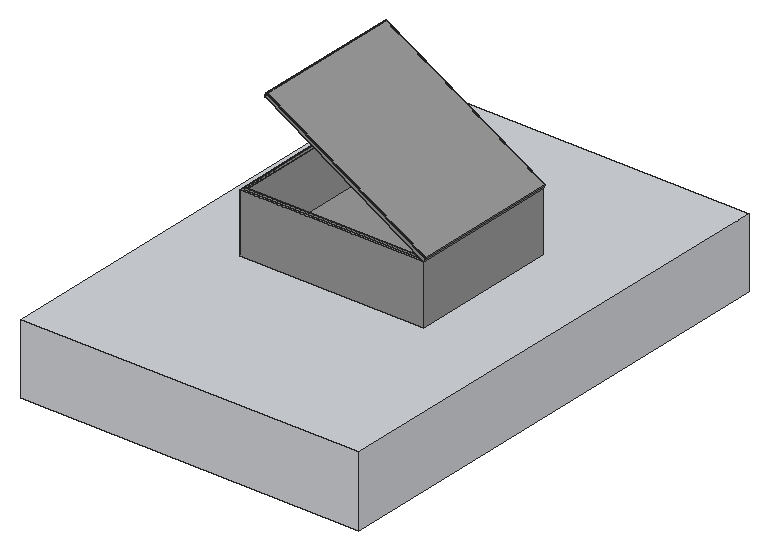
Revit family "Hager-Univers-IP55-D275-H650-Cl.II-Steel_encl-DE-de", category Equipement électrique, Revit 2020
Family settings
  Hôte = Face
  Configuration du panneau = Deux colonnes, circuits au sein
  Cote de connecteur circulaire = Utiliser le diamètre
  Type d'élément = Tableau de raccordement
  Couper avec des vides une fois chargée = Non
  Partagée = Non
  Point de calcul de pièce = Non
Parameters (values of type "Aufputz IP55 B800 H650 T275  - FR43S")
  Width Control [instance] = if([EF000008 - Breite] > Min Width, [EF000008 - Breite], Min Width)  # 800 mm
  Commentaires du type = [HG000003 - Bereich]  # "Univers"
  Thickness Door [instance] = if([EF009171 - Materialstärke Tür/Deckel] > 3 mm, 3 mm, [EF009171 - Materialstärke Tür/Deckel])  # 1.5 mm
  Seal Frame Offset [instance] = 17 mm  # constant formula
  Plinth Visibility [instance] = [HG000027 - Sockelhöhe] > 0 mm  # no
  Model = ""
  Min Width [instance] = 100 mm  # constant formula
  Min Height [instance] = 100 mm  # constant formula
  Min Depth [instance] = (2 * [EF009170 - Materialstärke Gehäuse]) + 1 mm  # 4 mm
  Internal Frame Depth [instance] = (Door System Depth * 0.5)  # 9 mm
  Height Control [instance] = if([EF000040 - Höhe] > Min Height, [EF000040 - Höhe], Min Height)  # 650 mm
  HG000027 - Sockelhöhe = 0 mm
  HG000026 - Stehend auf dem Boden = no
  HG000024 - Höhe des unteren Teils = 800 mm
  HG000023 - Gehäuse mit doppeltem Querschnitt = no
  HG000016 - 3D-Türsichtbarkeit [instance] = yes
  HG000015 - Sichtbarkeit der Türöffnung [instance] = no
  HG000014 - Tür rechts [instance] = yes
  HG000013 - Tür links [instance] = not([HG000014 - Tür rechts])  # no
  HG000012 - Türschwenkwinkel [instance] = 30.00°
  HG000010 - Asymmetrische Türen = no
  HG000009 - Doppelflügeligen Tür = no
  HG000006 - Unterputz = no
  HG000004 - Herstellerreferenz = "FR43S"
  HG000003 - Bereich = "Univers"
  HG000002 - Mit tür = yes
  Frame Offset Bottom [instance] = 10 mm  # constant formula
  Frame Offset [instance] = 15 mm  # constant formula
  EF015940 - Deckel mit Überdruckentlastung = no
  EF011959 - Schutzart (NEMA) = ""
  EF009554 - Anzahl der Öffnungen für Flanschplatten = 6
  Fabricant = "Hager"  # constant formula
  EF009212 - Ausführung Deckel = "EV000116 - geschlossen"
  EF009171 - Materialstärke Tür/Deckel = 1.5 mm
  EF009170 - Materialstärke Gehäuse = 1.5 mm
  EF008873 - Nennstrom (In) = 800 A
  EF007800 - Geeignet für Blitzschutz = no
  EF006306 - Mit Schloss = no
  EF006244 - Transparenter Deckel/Tür = no
  EF005474 - Schutzart (IP) = "EV006420 - IP55"
  EF004464 - Art der Tür = "EV002646 - Einzel"
  EF004427 - Anzahl der Module = 144
  EF004293 - Schlagfestigkeit = "EV008784 - IK10"
  EF003532 - Geeignet für Außengebrauch = no
  EF002950 - Breite in Teilungseinheiten = 24
  EF001613 - Funktionserhalt = "EV000494 - ohne"
  EF001596 - Werkstoff des Gehäuses = "EV000179 - Stahl"
  EF001131 - Innentiefe = 275 mm
  EF001088 - Anbaumöglichkeit = yes
  EF000437 - Anzahl der Leitungseinführungen = 6
  EF000339 - Art der Abdeckung = "EV004216 - Tür"
  EF000266 - Anzahl der Reihen = 4
  EF000218 - Einbautiefe = 0 mm
  EF000118 - Mit Montageplatte = no
  EF000116 - RAL-Nummer = "7035"
  EF000049 - Tiefe = 275 mm
  EF000040 - Höhe = 650 mm
  EF000008 - Breite = 800 mm
  EF000007 - Farbe = "EV000270 - grau"
  EF000003 - Montageart = "EV000384 - Aufputz"
  Door System Leaf Tolerance [instance] = 1.5 mm  # constant formula
  Door System Depth [instance] = 18 mm  # constant formula
  Door Height [instance] = Height Control - [HG000027 - Sockelhöhe]  # 650 mm
  Depth Control [instance] = if([EF000049 - Tiefe] > Min Depth, [EF000049 - Tiefe], Min Depth)  # 275 mm
  Default Elevation = 0 mm
  Connector Offset [instance] = Height Control / 2  # 325 mm
  Bottom Top Plate Trim [instance] = 1.5 mm  # constant formula
  Plinth height Ctrl [instance] = if([HG000027 - Sockelhöhe] > 0 mm, [HG000027 - Sockelhöhe], 12 mm)  # 12 mm
Types (5, lengths in mm): name | Width Control | HG000010 - Asymmetrische Türen | HG000009 - Doppelflügeligen Tür | HG000004 - Herstellerreferenz | EF009554 - Anzahl der Öffnungen für Flanschplatten | EF004464 - Art der Tür | EF004427 - Anzahl der Module | EF000437 - Anzahl der Leitungseinführungen | EF000008 - Breite
  Aufputz IP55 B1050 H650 T275  - FR44S | 1050 | no | yes | "FR44S" | 8 | "EV003602 - Doppel" | 192 | 8 | 1050
  Aufputz IP55 B1300 H650 T275  - FR45S | 1300 | yes | yes | "FR45S" | 10 | "EV003602 - Doppel" | 240 | 10 | 1300
  Aufputz IP55 B300 H650 T275  - FR41S | 300 | no | no | "FR41S" | 2 | "EV002646 - Einzel" | 48 | 2 | 300
  Aufputz IP55 B550 H650 T275  - FR42S | 550 | no | no | "FR42S" | 4 | "EV002646 - Einzel" | 96 | 4 | 550
  Aufputz IP55 B800 H650 T275  - FR43S | 800 | no | no | "FR43S" | 6 | "EV002646 - Einzel" | 144 | 6 | 800
Reference planes
  plane 1 "Center (Front/Back)": y = 0
  plane 2: z = 0
  plane 3 "Center (Left/Right)": x = 0
  plane 4: z = 275
  plane 5: y = 1.5
  plane 6: y = 325
  plane 7: y = 0
  plane 8: y = 650
  plane 9: z = 0
  plane 10: x = -385
  plane 11: x = 385
  plane 12: x = 383.5
  plane 13: x = -383.5
  plane 14: y = 648.5
  plane 15: x = -383
  plane 16: x = -400
  plane 17: x = 383
  plane 18: x = 400
  plane 19: x = 398.5
  plane 20: x = -398.5
  plane 21: y = 11.5
  plane 22: y = 650
  plane 23: y = 633.5
  plane 24: z = 257
  plane 25: z = 1.5
  plane 26: z = 255.5
  plane 27: z = 273.5
Forms (mm)
  Extrusion 1, solid
    sketch origin (0, 0, 0) x (1, 0, 0) y (0, 1, 0)
      loop
        line (-702.964, 1305) -> (-702.964, -811.445) -> (766.763, -811.445) -> (766.763, 1305) -> (-702.964, 1305)
    from 0 to -304.8
  Extrusion 2, solid, material "Hager_Steel_RAL7035_Light_Grey", visible <- "Plinth Visibility", detail levels medium+fine
    sketch origin (0, 0, 0) x (1, 0, 0) y (0, 1, 0)
      loop
        line (-400, 0) -> (400, 0) -> (400, 12) -> (-400, 12) -> (-400, 0)
    from 0 to 257
  Extrusion 3, solid, material "Hager_Steel_RAL7035_Light_Grey", detail levels medium+fine
    sketch origin (0, 0, 0) x (1, 0, 0) y (0, 1, 0)
      loop
        line (-400, 0) -> (400, 0) -> (400, 650) -> (-400, 650) -> (-400, 0)
    from 0 to 257
  Extrusion 4, void
    sketch origin (0, 0, 0) x (1, 0, 0) y (0, 1, 0)
      loop
        line (-398.5, 1.5) -> (398.5, 1.5) -> (398.5, 648.5) -> (-398.5, 648.5) -> (-398.5, 1.5)
    from 1.5 to 255.5
  Extrusion 5, void
    sketch origin (-381.607, -4572, 257) x (0, -1, 0) y (-1, 0, 0)
      loop
        line (-4583.5, 1.893) -> (-5205.5, 1.893) -> (-5205.5, -765.107) -> (-4583.5, -765.107) -> (-4583.5, 1.893)
    from 0 to 1.5 <- "EF009170 - Materialstärke Gehäuse"
  Extrusion 6, solid, material "Hager_Steel_RAL7035_Light_Grey", detail levels fine
    sketch origin (0, 0, 257) x (1, 0, 0) y (0, 1, 0)
      loop
        line (-383.5, 633.5) -> (-383.5, 11.5) -> (383.5, 11.5) -> (383.5, 633.5) -> (-383.5, 633.5)
      loop
        line (-385, 10) -> (385, 10) -> (385, 635) -> (-385, 635) -> (-385, 10)
    from 0 to 9 <- "Internal Frame Depth"
  Extrusion 7, solid, material "Hager_Steel_RAL7035_Light_Grey", detail levels coarse
    sketch origin (0, 0, 0) x (1, 0, 0) y (0, 1, 0)
      loop
        line (-400, 0) -> (400, 0) -> (400, 650) -> (-400, 650) -> (-400, 0)
    from 0 to 275
  Sweep 8, void
    path in 3D
      loop
        line (-400, 12, 0) -> (400, 12, 0) -> (400, 12, 257) -> (-400, 12, 257) -> (-400, 12, 0)
    profile origin (-400, 12, 128.5) x (-1, 0, 0) y (0, -1, 0)
      loop
        line (0, 0) -> (0, 1.5) -> (-1.5, 1.5)
        arc (-1.5, 1.5) -> (-1.061, 0.439) -> (0, 0) r 1.5
Cuts and joins
  Extrusion 4, Extrusion 5 cuts Extrusion 3
  Sweep 8 cuts Extrusion 2
Lines and regions (mm)
  Masking region 1
    outline origin (0, 0, 0) x (1, 0, 0) y (0, 0, 1)
      loop
        line (-400, 275) -> (-400, 0) -> (400, 0) -> (400, 275) -> (-400, 275)
  Masking region 2, detail levels medium+fine
    outline origin (0, 140, 0) x (0, 1, 0) y (0, 0, 1)
      loop
        line (-140, 0) -> (510, 0) -> (510, 257) -> (-140, 257) -> (-140, 0)
  Masking region 3, not visible, detail levels medium+fine
    outline origin (0, 297.922, 0) x (0, 1, 0) y (0, 0, 1)
      loop
        line (38.578, 0) -> (78.578, 0) -> (78.578, 263.5)
        arc (78.578, 263.5) -> (75.649, 270.571) -> (68.578, 273.5) r 10
        line (68.578, 273.5) -> (38.578, 273.5) -> (38.578, 0)
  Masking region 4, detail levels coarse
    outline origin (0, 0, 180) x (0, 1, 0) y (0, 0, 1)
      loop
        line (0, -180) -> (650, -180) -> (650, 95) -> (0, 95) -> (0, -180)
  Masking region 5, visible <- "Plinth Visibility", detail levels medium+fine
    outline origin (0, 52.24, 12.345) x (0, 0, -1) y (0, 1, 0)
      loop
        line (10.845, -40.24) -> (-243.155, -40.24)
        arc (-243.155, -40.24) -> (-243.594, -41.301) -> (-244.655, -41.74) r 1.5
        line (-244.655, -41.74) -> (-244.655, -52.24) -> (12.345, -52.24) -> (12.345, -41.74)
        arc (12.345, -41.74) -> (11.285, -41.301) -> (10.845, -40.24) r 1.5
  Masking region 6, detail levels medium+fine
    outline origin (-381.607, -4572, 257) x (-1, 0, 0) y (0, -1, 0)
      loop
        line (18.393, -5222) -> (18.393, -4572) -> (-781.607, -4572) -> (-781.607, -5222) -> (18.393, -5222)
  Masking region 7, visible <- "Plinth Visibility", detail levels medium+fine
    outline origin (-381.607, -4727, 257) x (-1, 0, 0) y (0, -1, 0)
      loop
        arc (16.893, -4739) -> (17.332, -4737.939) -> (18.393, -4737.5) r 1.5
        line (18.393, -4737.5) -> (18.393, -4727) -> (-781.607, -4727) -> (-781.607, -4737.5)
        arc (-781.607, -4737.5) -> (-780.546, -4737.939) -> (-780.107, -4739) r 1.5
        line (-780.107, -4739) -> (16.893, -4739)
  Masking region 8, detail levels coarse
    outline origin (-442.548, -4669.526, 257) x (-1, 0, 0) y (0, -1, 0)
      loop
        line (-42.548, -5319.526) -> (-42.548, -4669.526) -> (-842.548, -4669.526) -> (-842.548, -5319.526) -> (-42.548, -5319.526)
  sketch lines
    curve 1: line (-400, 12, 257) -> (-400, 12, 0)
    curve 2: line (400, 12, 257) -> (-400, 12, 257)
    curve 3: line (400, 12, 257) -> (400, 12, 0)
    curve 4: line (-400, 12, 0) -> (400, 12, 0)
Dimensions and locks
  "Depth Control": plane 4 to Extrusion 1
  "HG000027 - Sockelhöhe": plane 1 "Center (Front/Back)" to plane 7
  "EF009170 - Materialstärke Gehäuse": plane 5 to plane 7
  locked: connector elem to plane 3 "Center (Left/Right)"
  equal spacing: plane 8, plane 6, plane 7
  locked: connector elem to plane 6
  "EF009170 - Materialstärke Gehäuse": plane 8 to plane 14
  "EF009170 - Materialstärke Gehäuse": plane 10 to plane 13
  "EF009170 - Materialstärke Gehäuse": plane 12 to plane 11
  "Frame Offset": plane 20 to plane 13
  "Frame Offset": plane 12 to plane 19
  "EF009170 - Materialstärke Gehäuse": plane 16 to plane 20
  "EF009170 - Materialstärke Gehäuse": plane 19 to plane 18
  "Seal Frame Offset": plane 16 to plane 15
  "Seal Frame Offset": plane 17 to plane 18
  "Frame Offset Bottom": plane 21 to plane 5
  "Frame Offset": plane 14 to plane 23
  equal spacing: plane 16, plane 3 "Center (Left/Right)", plane 18
  "Width Control": plane 16 to plane 18
  "EF009170 - Materialstärke Gehäuse": plane 4 to plane 27
  "EF009170 - Materialstärke Gehäuse": plane 24 to plane 26
  "EF009170 - Materialstärke Gehäuse": plane 25 to level
  "Door System Depth": plane 4 to plane 24
  "Height Control": plane 1 "Center (Front/Back)" to Extrusion 7 sketch curve
  "Height Control": Masking region 4 sketch curve to plane 1 "Center (Front/Back)"
  "Height Control": plane 1 "Center (Front/Back)" to plane 22
  "Bottom Top Plate Trim": profile plane to Sweep 8 sketch curve
  "Bottom Top Plate Trim": Sweep 8 sketch curve to profile plane
  "Plinth height Ctrl": plane 1 "Center (Front/Back)" to Extrusion 2 sketch curve
  "Plinth height Ctrl": Masking region 5 sketch curve to plane 1 "Center (Front/Back)"
  "Plinth height Ctrl": plane 1 "Center (Front/Back)" to Masking region 7 sketch curve
  "Thickness Door": Extrusion 6 sketch curve to Extrusion 6 sketch curve  (x3)
  "Thickness Door": cut or joined group of Extrusion 3, Extrusion 4, Extrusion 5 to Extrusion 6 sketch curve
  radius of Masking region 3 sketch curve = 10 mm
  "Bottom Top Plate Trim": radius of Masking region 5 sketch curve  (x2)
  "Bottom Top Plate Trim": radius of Sweep 8 sketch curve
  "Bottom Top Plate Trim": radius of Masking region 7 sketch curve  (x2)
  aligned and locked: plane 2 to Extrusion 1
  aligned and locked: level to Extrusion 1
  aligned and locked: level to Masking region 1 sketch curve
  aligned and locked: Masking region 1 sketch curve to plane 18
  aligned and locked: Masking region 1 sketch curve to plane 16
  aligned and locked: plane 7 to Masking region 2 sketch curve
  aligned and locked: level to Masking region 3 sketch curve
  aligned and locked: Masking region 3 sketch curve to plane 27
  aligned and locked: level to Masking region 2 sketch curve
  aligned and locked: plane 1 "Center (Front/Back)" to Extrusion 2 sketch curve
  aligned and locked: Extrusion 3 sketch curve to plane 7
  aligned and locked: plane 16 to Extrusion 3 sketch curve
  aligned and locked: plane 18 to Extrusion 3 sketch curve
  aligned and locked: plane 20 to Extrusion 4 sketch curve
  aligned and locked: plane 19 to Extrusion 4 sketch curve
  aligned and locked: Extrusion 4 sketch curve to plane 5
  aligned and locked: Extrusion 4 to plane 25
  aligned and locked: plane 26 to Extrusion 4
  aligned and locked: plane 24 to Extrusion 3
  aligned and locked: Extrusion 5 sketch curve to plane 21
  aligned and locked: Extrusion 5 sketch curve to plane 13
  aligned and locked: Extrusion 5 sketch curve to plane 12
  aligned and locked: plane 18 to Extrusion 7 sketch curve
  aligned and locked: plane 1 "Center (Front/Back)" to Extrusion 7 sketch curve
  aligned and locked: plane 16 to Extrusion 7 sketch curve
  aligned and locked: plane 4 to Extrusion 7
  aligned and locked: Extrusion 7 to level
  aligned and locked: level to Masking region 4 sketch curve
  aligned and locked: Masking region 4 sketch curve to plane 1 "Center (Front/Back)"
  aligned and locked: Masking region 4 sketch curve to plane 4
  aligned and locked: nested 1 to level
  aligned and locked: nested 1 to plane 16
  aligned and locked: plane 8 to Extrusion 3 sketch curve
  aligned and locked: plane 23 to Extrusion 5 sketch curve
  aligned and locked: plane 14 to Extrusion 4 sketch curve
  aligned and locked: Masking region 2 sketch curve to plane 8
  aligned and locked: level to Masking region 5 sketch curve
  aligned and locked: plane 16 to Extrusion 2 sketch curve
  aligned and locked: plane 18 to Extrusion 2 sketch curve
  aligned and locked: Masking region 5 sketch curve to plane 24
  aligned and locked: Masking region 2 sketch curve to plane 24
  aligned and locked: plane 24 to Extrusion 2
  aligned and locked: profile plane to Sweep 8 sketch curve  (x2)
  aligned and locked: Masking region 6 sketch curve to plane 18
  aligned and locked: Masking region 6 sketch curve to plane 22
  aligned and locked: Masking region 6 sketch curve to plane 16
  aligned and locked: plane 8 to plane 22
  aligned and locked: Masking region 6 sketch curve to plane 7
  aligned and locked: Masking region 7 sketch curve to plane 16
  aligned and locked: Masking region 7 sketch curve to plane 1 "Center (Front/Back)"
  aligned and locked: Masking region 7 sketch curve to plane 18
  aligned and locked: Masking region 8 sketch curve to plane 1 "Center (Front/Back)"
  aligned and locked: Masking region 8 sketch curve to plane 18
  aligned and locked: Masking region 8 sketch curve to plane 22
  aligned and locked: Masking region 8 sketch curve to plane 16
  aligned and locked: nested 2 to plane 7
  aligned and locked: plane 3 "Center (Left/Right)" to nested 2
  aligned and locked: nested 2 to plane 24
  aligned and locked: Extrusion 6 sketch curve to cut or joined group of Extrusion 3, Extrusion 4, Extrusion 5  (x4)
Automatic sketch dimensions
  Extrusion 1 sketch curve to Extrusion 1 sketch curve = 1469.727 mm
  Extrusion 1 sketch curve to Extrusion 1 sketch curve = 2116.445 mm
  Masking region 1 sketch curve to plane 4 = 0 mm
  plane 6 to Masking region 3 sketch curve = 11.5 mm
  Masking region 3 sketch curve to Masking region 3 sketch curve = 30 mm
  Masking region 5 sketch curve to plane 1 "Center (Front/Back)" = 0 mm
Nested families
  nested 1: "Hager_Enclosure_Symbol" at (-400, 0, 0) x (1, 0, 0) z (0, -1, 0), Height <- "Depth Control", Width <- "Width Control", type "Hager_Enclosure_Symbol"
    with Width_Ctrl 800 mm, Width 800 mm, Height_Ctrl 275 mm, Height 275 mm, A_Width_Int 18.047 mm, A_Width 216.562 mm, A_Height_Ctrl 240.625 mm, A_Height 240.625 mm
  nested 2: "EC000058_Univers_Door" at (0, 0, 257) x (1, 0, 0) z (0, 1, 0), Leaf_Tolerance <- "Door System Leaf Tolerance", Angle <- "HG000012 - Türschwenkwinkel", Door_Depth <- "Door System Depth", Door_Left <- "HG000013 - Tür links", Transparent <- "EF006244 - Transparenter Deckel/Tür", Assymetrical <- "HG000010 - Asymmetrische Türen", Width <- "Width Control", Clearance <- "HG000015 - Sichtbarkeit der Türöffnung", Double <- "HG000009 - Doppelflügeligen Tür", 3d_Door <- "HG000016 - 3D-Türsichtbarkeit", Lock_Visibility <- "EF006306 - Mit Schloss", Width_Ctrl <- "Width Control", Door_Right <- "HG000014 - Tür rechts", Door <- "HG000002 - Mit tür", Height <- "Door Height", Thickness <- "Thickness Door", type "EC000058_Univers_Door", detail levels medium+fine
    with min_wh 4 mm, Width_Ctrl 800 mm, Width 800 mm, Transparent no, Thickness 1.5 mm, Seal_Material Hager_Rubber, Lock_Visibility no, Lock_Material Hager_Plastic_RAL9005_Jet_Black, Leaf_Width 800 mm, Leaf_Tolerance_External_Sides 0 mm, Leaf_Tolerance 1.5 mm, Leaf_Offset 0 mm, Leaf_Height 647 mm, Leaf_2_Width 800 mm, Leaf_2_Offset 400 mm, Leaf_1_Width 800 mm, Leaf_1_Offset 400 mm, Height_Ctrl 650 mm, Height 650 mm, Glass_Material Hager_Glass, Double_Clearance_Ctrl no, Double no, Door_Right_Ctrl yes, Door_Right yes, Door_Material Hager_Steel_RAL7035_Light_Grey, Door_Left_Ctrl no, Door_Left no, Door_Depth 18 mm, Door yes, Clearance_Material Hager_Clearance, Clearance_Depth 800 mm, Clearance_Ctrl no, Clearance no, Assymetrical no, Angle 30.00°, 3d_Door yes
Connectors
  electrical at (0, 325, 0)
    settings: on plane 9, index 1, voltage 0 V, apparent load 0 VA, apparent load phase1 0 VA, apparent load phase2 0 VA, apparent load phase3 0 VA, power factor 1, load classification "Other", number of poles 1, system type 30, power factor state 1, is connector primary yes, connector utility no, sub classification motor no, connector description ""
Definition of nested family "EC000058_Univers_Door"
  Parameters (values of type "EC000058_Univers_Door")
    min_wh [instance] = (2 * Thickness) + 1 mm  # 11 mm
    Width_Ctrl [instance] = 400 mm
    Width [instance] = 500 mm
    Transparent [instance] = yes
    Thickness [instance] = 5 mm
    Seal_Material [instance] = none
    Lock_Visibility [instance] = yes
    Lock_Material [instance] = none
    Leaf_Width [instance] = if((Width_Ctrl - 2 * Leaf_Tolerance_External_Sides) > 0 mm, (Width_Ctrl - 2 * Leaf_Tolerance_External_Sides), min_wh)  # 400 mm
    Leaf_Tolerance_External_Sides [instance] = 0 mm  # constant formula
    Leaf_Tolerance [instance] = 1.5 mm
    Leaf_Offset [instance] = 0 mm  # constant formula
    Leaf_Height [instance] = if((Height_Ctrl - 2 * Leaf_Tolerance) > 0 mm, (Height_Ctrl - 2 * Leaf_Tolerance), min_wh)  # 497 mm
    Leaf_2_Width [instance] = if(and(and(Double, Assymetrical), Door_Left), (Leaf_Width / 3) - (Leaf_Tolerance / 2), if(and(and(Double, Assymetrical), Door_Right), (Leaf_Width / 3) * 2 - (Leaf_Tolerance / 2), if(and(Double, not(Assymetrical)), (Leaf_Width / 2) - Leaf_Tolerance, Leaf_Width)))  # 400 mm
    Leaf_2_Offset [instance] = if(and(Double, Assymetrical), Leaf_2_Width / 2, if(and(Double, not(Assymetrical)), Leaf_Width / 4, Leaf_Width / 2))  # 200 mm
    Leaf_1_Width [instance] = if(and(and(Double, Assymetrical), Door_Right), (Leaf_Width / 3) - (Leaf_Tolerance / 2), if(and(and(Double, Assymetrical), Door_Left), (Width / 3) * 2 - (Leaf_Tolerance / 2), if(and(Double, not(Assymetrical)), (Leaf_Width / 2) - Leaf_Tolerance, Leaf_Width)))  # 400 mm
    Leaf_1_Offset [instance] = if(and(Double, Assymetrical), Leaf_1_Width / 2, if(and(Double, not(Assymetrical)), Leaf_Width / 4, Leaf_Width / 2))  # 200 mm
    Height_Ctrl [instance] = if(Height > min_wh, Height, min_wh)  # 500 mm
    Height [instance] = 500 mm
    Glass_Material [instance] = none
    Double_Clearance_Ctrl [instance] = and(Double, Clearance)  # no
    Double [instance] = no
    Door_Right_Ctrl [instance] = and(or(Door_Right, Double), Door)  # yes
    Door_Right [instance] = yes
    Door_Material [instance] = none
    Door_Left_Ctrl [instance] = and(or(Door_Left, Double), Door)  # no
    Door_Left [instance] = no
    Door_Depth [instance] = 30 mm
    Door [instance] = yes
    Default Elevation = 1219.2 mm
    Clearance_Material [instance] = none
    Clearance_Depth [instance] = if(Leaf_1_Width > Leaf_2_Width, Leaf_1_Width, Leaf_2_Width)  # 400 mm
    Clearance_Ctrl [instance] = and(not(Double), Clearance)  # yes
    Clearance [instance] = yes
    Assymetrical [instance] = yes
    Angle [instance] = 30.00°
    3d_Door [instance] = yes
  Reference planes
    plane 1 "Center (Front/Back)": y = 0
    plane 2 "Bottom": z = 0
    plane 3 "Center (Left/Right)": x = 0
    plane 4: z = 500
    plane 5: x = -200
    plane 6: x = 200
    plane 7: z = 500
    plane 8: x = -200
    plane 9: z = 0
    plane 10: x = 200
    plane 11: y = 0
    plane 12: z = 1.5
    plane 13: x = -600
    plane 14: y = -400
    plane 15: x = 600
    plane 16: x = 0
    plane 17: x = 0
    plane 18: x = -200
    plane 19: x = 200
    plane 20: z = 498.5
  Forms (mm)
    Extrusion 1, solid, material <- "Clearance_Material", visible <- "Double_Clearance_Ctrl"
      sketch origin (1200, 0, 0) x (1, 0, 0) y (0, 0, -1)
        loop
          line (-1800, -498.5) -> (-600, -498.5) -> (-600, 0) -> (-1800, 0) -> (-1800, -498.5)
      from 0 to -400
  Dimensions and locks
    equal spacing: plane 5, plane 3 "Center (Left/Right)", plane 6
    "Width_Ctrl": plane 5 to plane 6
    "Leaf_Offset": plane 5 to plane 8
    "Leaf_Offset": plane 6 to plane 10
    "Leaf_Offset": plane 9 to level
    "Leaf_Offset": plane 4 to plane 7
    "Height_Ctrl": plane 4 to level
    "Leaf_Tolerance": plane 12 to plane 9
    locked: plane 11 to plane 1 "Center (Front/Back)"
    "Leaf_1_Offset": plane 18 to plane 16
    "Leaf_2_Offset": plane 17 to plane 19
    "Leaf_1_Width": plane 13 to plane 8
    "Leaf_2_Width": plane 10 to plane 15
    "Clearance_Depth": plane 14 to plane 1 "Center (Front/Back)"
    "Leaf_Tolerance_External_Sides": plane 8 to plane 18
    "Leaf_Tolerance_External_Sides": plane 19 to plane 10
    "Leaf_Tolerance": plane 7 to plane 20
    aligned and locked: level to plane 2 "Bottom"
    aligned and locked: nested 1 to plane 16
    aligned and locked: nested 2 to plane 17
    aligned and locked: Extrusion 1 to plane 13
    aligned and locked: plane 15 to Extrusion 1
    aligned and locked: Extrusion 1 to plane 14
    aligned and locked: plane 12 to nested 1
    aligned and locked: nested 2 to plane 12
    aligned and locked: Extrusion 1 to plane 11
    aligned and locked: plane 20 to Extrusion 1
    aligned and locked: nested 2 to plane 11
    aligned and locked: nested 1 to plane 11
  Automatic sketch dimensions
    Extrusion 1 sketch curve to level = 0 mm
    plane 5 to Extrusion 1 sketch curve = 400 mm
    plane 6 to Extrusion 1 sketch curve = 400 mm
    Extrusion 1 sketch curve to plane 4 = 1.5 mm
  Nested families
    nested 1: "EC000058_Univers_Door_Leaf" at (0, 0, 1.5), Width <- "Leaf_1_Width", visible <- "Door_Left_Ctrl", Leaf_Height <- "Leaf_Height", Angle <- "Angle", 3d_Door <- "3d_Door", Transparent <- "Transparent", Clearance Material <- "Clearance_Material", Clearance <- "Clearance_Ctrl", Door_Material <- "Door_Material", Glass_Material <- "Glass_Material", Door_Depth <- "Door_Depth", Lock_Material <- "Lock_Material", Seal_Material <- "Seal_Material", Lock_Visibility <- "Lock_Visibility", Thickness <- "Thickness", type "EC000058_Univers_Door_Leaf"
      with Width 400 mm, Transparent_Glass_Offset 30 mm, Transparent_Ctrl yes, Transparent yes, Thickness 5 mm, Standard no, Seal_Material none, Seal_D2 8 mm, Seal_D1 1 mm, Offset_Internal_Frame 10 mm, Lock_Width 20 mm, Lock_Visibility_3d yes, Lock_Visibility yes, Lock_Thickness_3 3 mm, Lock_Thickness_2 1 mm, Lock_Thickness_1 3 mm, Lock_Radius_Offset_2 16 mm, Lock_Radius_Offset_1 15 mm, Lock_Radius_2 5 mm, Lock_Radius 6 mm, Lock_Offset 5 mm, Lock_Material none, Lock_Height 80 mm, Lock_Cover_Top_Offset_2d 17 mm, Lock_Cover_Height -65 mm, Leaf_Height 497 mm, Internal_Seal_Thickness 8 mm, Internal_Seal_Depth_2 4.5 mm, Internal_Frame_Depth 25 mm, Glass_Thickness -1 mm, Glass_Offset -2 mm, Glass_Material none, Door_Material none, Door_Depth 30 mm, Clearance Material none, Clearance yes, Angle_Ctrl 30.00°, Angle 30.00°, 3d_Door yes
    nested 2: "EC000058_Univers_Door_Leaf" at (0, 0, 1.5) x (-1, 0, 0) z (0, 0, 1), Width <- "Leaf_2_Width", visible <- "Door_Right_Ctrl", Leaf_Height <- "Leaf_Height", Angle <- "Angle", 3d_Door <- "3d_Door", Transparent <- "Transparent", Clearance Material <- "Clearance_Material", Clearance <- "Clearance_Ctrl", Door_Material <- "Door_Material", Glass_Material <- "Glass_Material", Door_Depth <- "Door_Depth", Lock_Material <- "Lock_Material", Seal_Material <- "Seal_Material", Lock_Visibility <- "Lock_Visibility", Thickness <- "Thickness", type "EC000058_Univers_Door_Leaf"
      with Width 400 mm, Transparent_Glass_Offset 30 mm, Transparent_Ctrl yes, Transparent yes, Thickness 5 mm, Standard no, Seal_Material none, Seal_D2 8 mm, Seal_D1 1 mm, Offset_Internal_Frame 10 mm, Lock_Width 20 mm, Lock_Visibility_3d yes, Lock_Visibility yes, Lock_Thickness_3 3 mm, Lock_Thickness_2 1 mm, Lock_Thickness_1 3 mm, Lock_Radius_Offset_2 16 mm, Lock_Radius_Offset_1 15 mm, Lock_Radius_2 5 mm, Lock_Radius 6 mm, Lock_Offset 5 mm, Lock_Material none, Lock_Height 80 mm, Lock_Cover_Top_Offset_2d 17 mm, Lock_Cover_Height -65 mm, Leaf_Height 497 mm, Internal_Seal_Thickness 8 mm, Internal_Seal_Depth_2 4.5 mm, Internal_Frame_Depth 25 mm, Glass_Thickness -1 mm, Glass_Offset -2 mm, Glass_Material none, Door_Material none, Door_Depth 30 mm, Clearance Material none, Clearance yes, Angle_Ctrl 30.00°, Angle 30.00°, 3d_Door yes
  Definition of nested family "EC000058_Univers_Door_Leaf"
    Parameters (values of type "EC000058_Univers_Door_Leaf")
      Width [instance] = 2000 mm
      Transparent_Glass_Offset [instance] = 30 mm
      Transparent_Ctrl [instance] = and(Transparent, [3d_Door])  # yes
      Transparent [instance] = yes
      Thickness [instance] = 5 mm
      Standard [instance] = and(not(Transparent), [3d_Door])  # no
      Seal_Material [instance] = none
      Seal_D2 [instance] = 8 mm  # constant formula
      Seal_D1 [instance] = 1 mm  # constant formula
      Offset_Internal_Frame [instance] = 10 mm  # constant formula
      Lock_Width [instance] = 20 mm  # constant formula
      Lock_Visibility_3d [instance] = and(Lock_Visibility, [3d_Door])  # yes
      Lock_Visibility [instance] = yes
      Lock_Thickness_3 [instance] = 3 mm  # constant formula
      Lock_Thickness_2 [instance] = 1 mm  # constant formula
      Lock_Thickness_1 [instance] = 3 mm  # constant formula
      Lock_Radius_Offset_2 [instance] = Lock_Radius_Offset_1 + 1 mm  # 16 mm
      Lock_Radius_Offset_1 [instance] = 15 mm  # constant formula
      Lock_Radius_2 [instance] = Lock_Radius - 1 mm  # 5 mm
      Lock_Radius [instance] = 6 mm  # constant formula
      Lock_Offset [instance] = 5 mm  # constant formula
      Lock_Material [instance] = none
      Lock_Height [instance] = 80 mm  # constant formula
      Lock_Cover_Top_Offset_2d [instance] = Lock_Radius_Offset_2 + 1 mm  # 17 mm
      Lock_Cover_Height [instance] = -(Lock_Height - Lock_Radius_Offset_1)  # -65 mm
      Leaf_Height [instance] = 2720.336 mm
      Internal_Seal_Thickness [instance] = 8 mm  # constant formula
      Internal_Seal_Depth_2 [instance] = 4.5 mm  # constant formula
      Internal_Frame_Depth [instance] = if(Door_Depth - Thickness > 5 mm, Door_Depth - Thickness, 5 mm)  # 25 mm
      Glass_Thickness [instance] = if(Thickness > 15 mm, Glass_Offset + 10 mm, -1 mm)  # -1 mm
      Glass_Offset [instance] = if(Thickness > 15 mm, -(Thickness + 10 mm) / 2, -2 mm)  # -2 mm
      Glass_Material [instance] = none
      Door_Material [instance] = none
      Door_Depth [instance] = 30 mm
      Default Elevation = 0 mm
      Clearance Material [instance] = none
      Clearance [instance] = yes
      Angle_Ctrl [instance] = if(Angle > 180.00°, 180.00°, Angle)  # 90.00°
      Angle [instance] = 90.00°
      3d_Door [instance] = yes
    Reference planes
      plane 1 "Center (Front/Back)": y = 0
      plane 2: z = 0
      plane 3 "Center (Left/Right)": x = 0
      plane 4: y = 2000
      plane 5: x = -1000
      plane 6: x = 1000
      plane 7: x = -3000
      plane 8: z = 2720.336
      plane 9: z = 30
      plane 10: z = 2690.336
      plane 11: x = 970
      plane 12: x = -970
      plane 13: y = -3
      plane 14: z = 107.833
      plane 15: y = -5
      plane 16: y = -223.314
      plane 17: x = -1000
      plane 18: z = 1360.168
      plane 19: y = 30
    Forms (mm)
      Extrusion 1, solid, material <- "Clearance Material", visible <- "Clearance"
        sketch origin (0, 0, 0) x (1, 0, 0) y (0, 0, 1)
          loop
            line (-3000, 2720.336) -> (-3000, 0) -> (1000, 0) -> (1000, 2720.336) -> (-3000, 2720.336)
        from 0 to -2000
      Extrusion 2, solid, material <- "Door_Material", visible <- "Standard", detail levels medium+fine
        sketch origin (-1000, 0, 0) x (0, 1, 0) y (-1, 0, 0)
          loop
            line (0, 30) -> (0, 25) -> (2000, 25) -> (2000, 30) -> (0, 30)
        from 0 to 2720.336 <- "Leaf_Height"
      Extrusion 3, solid, material <- "Door_Material", visible <- "Transparent_Ctrl", detail levels medium+fine
        sketch origin (-1000, 0, 0) x (0, 1, 0) y (-1, 0, 0)
          loop
            line (0, 25) -> (2000, 25) -> (2000, 30) -> (0, 30) -> (0, 25)
        from 0 to 2720.336 <- "Leaf_Height"
      Extrusion 4, void
        sketch origin (-1025, 2000, 0) x (0, 1, 0) y (0, 0, -1)
          loop
            line (-30, -2690.336) -> (-30, -30) -> (-1970, -30) -> (-1970, -2690.336) -> (-30, -2690.336)
        from 0 to 5 <- "Thickness"
      Sweep 5, solid, material <- "Seal_Material", visible <- "Transparent_Ctrl", detail levels fine
        path in 3D
          loop
            line (-1025, 30, 30) -> (-1025, 30, 2690.336) -> (-1025, 1970, 2690.336) -> (-1025, 1970, 30) -> (-1025, 30, 30)
        profile origin (-1025, 1000, 30) x (1, 0, 0) y (0, 0, 1)
          loop
            line (0, 0) -> (0, -8) -> (1, -8) -> (1, 0) -> (0, 0)
      Extrusion 6, solid, material <- "Glass_Material", visible <- "Transparent_Ctrl", detail levels medium+fine
        sketch origin (-1030, 0, 0) x (0, 1, 0) y (0, 0, -1)
          loop
            line (1970, -2690.336) -> (1970, -30) -> (30, -30) -> (30, -2690.336) -> (1970, -2690.336)
        from -2 <- "Glass_Offset" to -1 <- "Glass_Thickness"
      Extrusion 7, solid, material <- "Door_Material", visible <- "3d_Door", detail levels medium+fine
        sketch origin (-1025, 2000, 0) x (0, -1, 0) y (0, 0, -1)
          loop
            line (0, -2720.336) -> (2000, -2720.336) -> (2000, 0) -> (0, 0) -> (0, -2720.336)
          loop
            line (1995, -5) -> (5, -5) -> (5, -2715.336) -> (1995, -2715.336) -> (1995, -5)
        from 0 to 25 <- "Internal_Frame_Depth"
      Sweep 8, solid, material <- "Seal_Material", visible <- "Transparent_Ctrl", detail levels fine
        path in 3D
          loop
            line (-1025, 0, 0) -> (-1025, 2000, 0) -> (-1025, 2000, 2720.336) -> (-1025, 0, 2720.336) -> (-1025, 0, 0)
        profile origin (-1025, 0, 1360.168) x (1, 0, 0) y (0, 1, 0)
          loop
            line (0, 10) -> (2.975, 10)
            arc (2.975, 10) -> (4.053, 10.447) -> (4.5, 11.525) r 1.525
            line (4.5, 11.525) -> (4.5, 16.527)
            arc (4.5, 16.527) -> (4.069, 17.569) -> (3.027, 18) r 1.473
            line (3.027, 18) -> (0, 18) -> (0, 10)
      Extrusion 9, solid, material <- "Lock_Material", visible <- "Lock_Visibility_3d", detail levels fine
        sketch origin (-1030, 0, 0) x (0, 1, 0) y (0, 0, -1)
          loop
            arc (1993.5, -1400.168) -> (1994.561, -1399.729) -> (1995, -1398.668) r 1.5
            line (1995, -1398.668) -> (1995, -1320.168) -> (1975, -1320.168) -> (1975, -1398.668)
            arc (1975, -1398.668) -> (1975.439, -1399.729) -> (1976.5, -1400.168) r 1.5
            line (1976.5, -1400.168) -> (1993.5, -1400.168)
        from 3 <- "Lock_Thickness_1" to 0
      Blend 10, solid, material <- "Lock_Material", visible <- "Lock_Visibility_3d", detail levels fine
        base sketch origin (-1033, 0, 0) x (0, 1, 0) y (0, 0, -1)
          loop
            line (1975, -1320.168) -> (1975, -1398.668)
            arc (1975, -1398.668) -> (1975.439, -1399.729) -> (1976.5, -1400.168) r 1.5
            line (1976.5, -1400.168) -> (1993.5, -1400.168)
            arc (1993.5, -1400.168) -> (1994.561, -1399.729) -> (1995, -1398.668) r 1.5
            line (1995, -1398.668) -> (1995, -1320.168) -> (1975, -1320.168)
        top sketch origin (-1033, 0, 0) x (0, 1, 0) y (0, 0, -1)
          loop
            line (1976, -1320.168) -> (1976, -1398.668)
            arc (1976, -1398.668) -> (1976.146, -1399.022) -> (1976.5, -1399.168) r 0.5
            line (1976.5, -1399.168) -> (1993.5, -1399.168)
            arc (1993.5, -1399.168) -> (1993.854, -1399.022) -> (1994, -1398.668) r 0.5
            line (1994, -1398.668) -> (1994, -1320.168) -> (1976, -1320.168)
        from 0 to 1 <- "Lock_Thickness_2"
      Blend 11, solid, material <- "Lock_Material", visible <- "Lock_Visibility_3d", detail levels fine
        base sketch origin (-1034, 0, 0) x (0, 1, 0) y (0, 0, -1)
          loop
            line (1978, -1320.168) -> (1978, -1384.168)
            arc (1978, -1384.168) -> (1985, -1391.168) -> (1992, -1384.168) r 7
            line (1992, -1384.168) -> (1992, -1320.168) -> (1978, -1320.168)
        top sketch origin (-1034, 0, 0) x (0, 1, 0) y (0, 0, -1)
          loop
            line (1991, -1320.168) -> (1979, -1320.168) -> (1979, -1383.168)
            arc (1979, -1383.168) -> (1985, -1389.168) -> (1991, -1383.168) r 6
            line (1991, -1383.168) -> (1991, -1320.168)
        from 0 to 3 <- "Lock_Thickness_3"
      Extrusion 12, solid, material <- "Lock_Material", visible <- "Lock_Visibility_3d", detail levels fine
        sketch origin (-1030, 1975, 1320.168) x (1, 0, 0) y (0, -1, 0)
          loop
            line (-7, -19) -> (-7, -1) -> (0, -1) -> (0, 0) -> (-8, 0) -> (-8, -20) -> (0, -20) -> (0, -19) -> (-7, -19)
        from 0 to -65 <- "Lock_Cover_Height"
      Extrusion 13, void
        sketch origin (-1038, 1995, 1320.168) x (-1, 0, 0) y (0, 0, -1)
          loop
            line (-5, -65) -> (0, -65) -> (-5, -60) -> (-5, -65)
        from 0 to 20 <- "Lock_Width"
      Extrusion 14, void
        sketch origin (-1038, 1975, 1320.168) x (0, -1, 0) y (0, 0, -1)
          loop
            circle (-10, -15.995) r 6
          loop
            circle (-10, -15.995) r 5
        from 0 to 2
      Extrusion 15, solid, material <- "Lock_Material", visible <- "Lock_Visibility_3d", detail levels medium
        sketch origin (-1030, 0, 0) x (0, 1, 0) y (0, 0, -1)
          loop
            arc (1993.5, -1400.168) -> (1994.561, -1399.729) -> (1995, -1398.668) r 1.5
            line (1995, -1398.668) -> (1995, -1320.168) -> (1975, -1320.168) -> (1975, -1398.668)
            arc (1975, -1398.668) -> (1975.439, -1399.729) -> (1976.5, -1400.168) r 1.5
            line (1976.5, -1400.168) -> (1993.5, -1400.168)
        from 8 to 0
    Cuts and joins
      Extrusion 4 cuts Extrusion 3
      Extrusion 13, Extrusion 14 cuts Extrusion 9
      Extrusion 14 cuts Blend 11
      Extrusion 13, Extrusion 14 cuts Extrusion 12
      joined: Extrusion 9, Blend 10, Blend 11, Extrusion 12
      Extrusion 14 cuts Extrusion 15
    Lines and regions (mm)
      Masking region 1, visible <- "Lock_Visibility", detail levels fine
        outline origin (0, 0, 0) x (0, 1, 0) y (0, 0, 1)
          loop
            line (30, 1320.168) -> (33, 1320.168) -> (33, 1400.168) -> (30, 1400.168) -> (30, 1320.168)
      Masking region 2, visible <- "Lock_Visibility", detail levels fine
        outline origin (0, 3.143, 0) x (0, 1, 0) y (0, 0, 1)
          loop
            line (29.857, 1354.168) -> (30.857, 1354.168) -> (30.857, 1366.168) -> (29.857, 1366.168) -> (29.857, 1354.168)
      Masking region 3, detail levels medium+fine
        outline origin (0, 0, 0) x (0, 1, 0) y (0, 0, 1)
          loop
            line (0, 0) -> (30, 0) -> (30, 2720.336) -> (0, 2720.336) -> (0, 0)
      Masking region 4, detail levels medium+fine
        outline origin (0, 0, 0) x (1, 0, 0) y (0, 0, 1)
          loop
            line (-1000, 2720.336) -> (-1000, 0) -> (1000, 0) -> (1000, 2720.336) -> (-1000, 2720.336)
      Masking region 5, visible <- "Lock_Visibility", detail levels fine
        outline origin (-47.116, 0, 0) x (1, 0, 0) y (0, 0, 1)
          loop
            arc (1024.616, 1399.168) -> (1023.556, 1398.729) -> (1023.116, 1397.668) r 1.5
            line (1023.116, 1397.668) -> (1023.116, 1320.168) -> (1041.116, 1320.168) -> (1041.116, 1397.668)
            arc (1041.116, 1397.668) -> (1040.677, 1398.729) -> (1039.616, 1399.168) r 1.5
            line (1039.616, 1399.168) -> (1024.616, 1399.168)
      Masking region 6, visible <- "Lock_Visibility", detail levels medium+fine
        outline origin (-25, 0, 0) x (1, 0, 0) y (0, 0, 1)
          loop
            arc (1001.5, 1400.168) -> (1000.439, 1399.729) -> (1000, 1398.668) r 1.5
            line (1000, 1398.668) -> (1000, 1320.168) -> (1020, 1320.168) -> (1020, 1398.668)
            arc (1020, 1398.668) -> (1019.561, 1399.729) -> (1018.5, 1400.168) r 1.5
            line (1018.5, 1400.168) -> (1001.5, 1400.168)
      Masking region 7, visible <- "Lock_Visibility", detail levels fine
        outline origin (-73.735, 0, 0) x (1, 0, 0) y (0, 0, 1)
          loop
            line (1051.735, 1382.168) -> (1065.735, 1382.168) -> (1065.735, 1384.168)
            arc (1065.735, 1384.168) -> (1058.735, 1391.168) -> (1051.735, 1384.168) r 7
            line (1051.735, 1384.168) -> (1051.735, 1382.168)
      Masking region 8, visible <- "Lock_Visibility", detail levels fine
        outline origin (-73.735, 0, 0) x (1, 0, 0) y (0, 0, 1)
          loop
            line (1052.735, 1382.168) -> (1064.735, 1382.168) -> (1064.735, 1383.168)
            arc (1064.735, 1383.168) -> (1058.735, 1389.168) -> (1052.735, 1383.168) r 6
            line (1052.735, 1383.168) -> (1052.735, 1382.168)
      Masking region 9, visible <- "Lock_Visibility", detail levels fine
        outline origin (-25, 0, 0) x (1, 0, 0) y (0, 0, 1)
          loop
            line (1020, 1320.168) -> (1020, 1382.168) -> (1000, 1382.168) -> (1000, 1320.168) -> (1020, 1320.168)
      Masking region 10, detail levels medium+fine
        outline origin (0, 0, 0) x (1, 0, 0) y (0, 0, 1)
          loop
            circle (985, 1335.144) r 6
      Masking region 11, detail levels fine
        outline origin (0, 0, 0) x (1, 0, 0) y (0, 0, 1)
          loop
            circle (985, 1335.144) r 5
      Masking region 12, visible <- "Lock_Visibility", detail levels fine
        outline origin (0, 12.767, 0) x (0, 1, 0) y (0, 0, 1)
          loop
            line (20.233, 1320.168) -> (21.233, 1320.168) -> (21.233, 1399.168) -> (20.233, 1400.168) -> (20.233, 1320.168)
      Masking region 13, visible <- "Lock_Visibility", detail levels fine
        outline origin (0, 13.767, -10) x (0, 1, 0) y (0, 0, 1)
          loop
            line (20.233, 1330.168) -> (23.233, 1330.168) -> (23.233, 1399.168) -> (20.233, 1402.168) -> (20.233, 1330.168)
      Masking region 14, visible <- "Lock_Visibility", detail levels fine
        outline origin (0, 12.767, -10) x (0, 1, 0) y (0, 0, 1)
          loop
            line (20.233, 1330.168) -> (25.233, 1330.168) -> (25.233, 1399.305) -> (20.233, 1394.305) -> (20.233, 1330.168)
      Masking region 15, visible <- "Lock_Visibility", detail levels medium
        outline origin (0, 0, 0) x (0, 1, 0) y (0, 0, 1)
          loop
            line (30, 1320.168) -> (38, 1320.168) -> (38, 1400.168) -> (30, 1400.168) -> (30, 1320.168)
      Masking region 16, visible <- "Lock_Visibility", detail levels fine
        outline origin (-1000, 0, 0) x (0, 1, 0) y (-1, 0, 0)
          loop
            line (1975, 30) -> (1995, 30) -> (1995, 38) -> (1975, 38) -> (1975, 30)
          loop
            line (1979, 37) -> (1976, 37) -> (1976, 34) -> (1978, 34) -> (1979, 37)
          loop
            line (1994, 37) -> (1991, 37) -> (1992, 34) -> (1994, 34) -> (1994, 37)
      Masking region 17, visible <- "Lock_Visibility", detail levels medium
        outline origin (-1000, 0, 0) x (0, 1, 0) y (-1, 0, 0)
          loop
            line (1975, 30) -> (1995, 30) -> (1995, 38) -> (1975, 38) -> (1975, 30)
      symbolic lines
        curve 1: line (1000, 0, 0) -> (-3000, 0, 0)
        curve 2: arc (1000, 0, 0) -> (-1000, 2000, 0) -> (-3000, 0, 0) r 2000
        curve 4: line (-1030, 0, 0) -> (-1030, 2000, 0)
      reference lines
        curve 3: line (-1000, 0, 0) -> (-1000, 2000, 0)
      symbolic lines, detail levels medium+fine
        curve 5: line (-1030, 2000, 0) -> (-1025, 2000, 0)
        curve 7: line (-1025, 0, 0) -> (-1030, 0, 0)
        curve 8: line (-1025, 0, 0) -> (-1000, 0, 0)
        curve 9: line (-1000, 0, 0) -> (-1000, 2000, 0)
        curve 10: line (-1000, 2000, 0) -> (-1025, 2000, 0)
      symbolic lines, detail levels fine
        curve 6: line (-1025, 2000, 0) -> (-1025, 0, 0)
      sketch lines
        curve 11: line (-1025, 0, 2720.336) -> (-1025, 0, 0)
        curve 12: line (-1025, 2000, 0) -> (-1025, 0, 0)
        curve 13: line (-1025, 2000, 2720.336) -> (-1025, 2000, 0)
        curve 14: line (-1025, 0, 2720.336) -> (-1025, 2000, 2720.336)
        curve 15: line (-1025, 1970, 30) -> (-1025, 30, 30)
        curve 16: line (-1025, 30, 30) -> (-1025, 30, 2690.336)
        curve 17: line (-1025, 1970, 2690.336) -> (-1025, 1970, 30)
        curve 18: line (-1025, 30, 2690.336) -> (-1025, 1970, 2690.336)
      symbolic lines, visible <- "Transparent", detail levels medium+fine
        curve 19: line (-970, 0, 2690.336) -> (970, 0, 2690.336)
        curve 20: line (-970, 0, 30) -> (-970, 0, 2690.336)
        curve 21: line (970, 0, 30) -> (-970, 0, 30)
        curve 22: line (970, 0, 2690.336) -> (970, 0, 30)
    Dimensions and locks
      "Width": plane 1 "Center (Front/Back)" to plane 4
      equal spacing: plane 5, plane 3 "Center (Left/Right)", plane 6
      "Width": plane 5 to plane 6
      "Width": plane 7 to plane 5
      "Leaf_Height": plane 8 to level
      "Width": curve 5 to curve 3
      "Width": curve 3 to curve 3
      plane 8 to plane 10 = 30 mm
      plane 9 to level = 30 mm
      plane 12 to plane 5 = 30 mm
      plane 6 to plane 11 = 30 mm
      Extrusion 1 to Extrusion 4 sketch curve = 30 mm
      "Transparent_Glass_Offset": curve 3 to Extrusion 4 sketch curve
      "Transparent_Glass_Offset": Extrusion 4 sketch curve to cut or joined group of Extrusion 3, Extrusion 4  (x2)
      cut or joined group of Extrusion 3, Extrusion 4 to Extrusion 6 sketch curve = 30 mm
      "Transparent_Glass_Offset": cut or joined group of Extrusion 3, Extrusion 4 to Extrusion 4 sketch curve
      "Thickness": curve 6 to curve 4
      "Thickness": Extrusion 7 sketch curve to Extrusion 7 sketch curve  (x4)
      "Door_Depth": curve 4 to curve 3
      "Offset_Internal_Frame": profile plane to Sweep 8 sketch curve
      "Internal_Seal_Thickness": Sweep 8 sketch curve to Sweep 8 sketch curve
      "Internal_Seal_Depth_2": profile plane to Sweep 8 sketch curve
      "Seal_D1": profile plane to Sweep 5 sketch curve
      "Seal_D2": profile plane to Sweep 5 sketch curve
      "Thickness": Extrusion 2 sketch curve to Extrusion 2 sketch curve
      equal spacing: Extrusion 9 sketch curve, plane 18, Extrusion 9 sketch curve  (x2)
      equal spacing: Masking region 1 sketch curve, plane 18, Masking region 1 sketch curve
      "Lock_Height": Masking region 1 sketch curve to Masking region 1 sketch curve
      "Lock_Radius": Masking region 2 sketch curve to plane 18 to Masking region 2 sketch curve
      Masking region 2 sketch curve to Masking region 1 = 1 mm
      "Door_Depth": plane 19 to plane 1 "Center (Front/Back)"
      "Lock_Thickness_1": Masking region 1 sketch curve to plane 19
      "Lock_Width": Extrusion 9 sketch curve to Extrusion 9 sketch curve
      "Lock_Height": Extrusion 9 sketch curve to Extrusion 9 sketch curve
      "Lock_Offset": cut or joined group of Extrusion 3, Extrusion 4 to Extrusion 9 sketch curve
      equal spacing: plane 8, plane 18, level
      "Lock_Radius_Offset_1": Blend 11 sketch curve to Blend 10
      locked: Blend 10 to Blend 11 sketch curve at 2  (x2)
      locked: var sketch to Blend 11 sketch curve at 1  (x2)
      "Lock_Radius_Offset_2": Blend 11 sketch curve to Blend 10
      locked: Extrusion 12 sketch curve to Extrusion 12 sketch curve at 1  (x3)
      Masking region 6 sketch curve to Masking region 6 sketch curve = 80 mm
      "Lock_Height": Masking region 6 sketch curve to Masking region 6 sketch curve
      "Lock_Width": Masking region 6 sketch curve to Masking region 6 sketch curve
      locked: Masking region 6 to Masking region 5 sketch curve at 1  (x3)
      locked: Masking region 5 to Masking region 7 sketch curve at 2  (x2)
      "Lock_Radius_Offset_1": Masking region 5 to Masking region 7 sketch curve
      "Lock_Radius_Offset_2": Masking region 5 to Masking region 8 sketch curve
      locked: Masking region 7 to Masking region 8 sketch curve at 1  (x2)
      "Lock_Cover_Top_Offset_2d": Masking region 5 to Masking region 9 sketch curve
      equal spacing: Masking region 9, Masking region 10 sketch curve, Masking region 9
      equal spacing: Masking region 9, Masking region 11 sketch curve, Masking region 9
      Extrusion 15 sketch curve to Extrusion 15 sketch curve = 80 mm
      "Lock_Width": Extrusion 15 sketch curve to Extrusion 15 sketch curve
      "Lock_Height": Extrusion 15 sketch curve to Extrusion 15 sketch curve
      equal spacing: Extrusion 15 sketch curve, plane 18, Extrusion 15 sketch curve
      "Lock_Thickness_3": Masking region 13 sketch curve to Masking region 13 sketch curve
      "Lock_Height": Masking region 12 sketch curve to Masking region 12 sketch curve
      locked: Masking region 13 sketch curve to Masking region 1 at 8
      locked: Masking region 14 sketch curve to Masking region 13 at 1
      locked: Masking region 14 sketch curve to Masking region 1 at 10.863
      "Lock_Height": Masking region 15 sketch curve to Masking region 15 sketch curve
      "Lock_Offset": Extrusion 15 sketch curve to cut or joined group of Extrusion 3, Extrusion 4
      "Lock_Offset": plane 6 to Masking region 6 sketch curve
      radius of Sweep 8 sketch curve = 1.525 mm
      radius of Sweep 8 sketch curve = 1.473 mm
      radius of Extrusion 9 sketch curve = 1.5 mm  (x2)
      "Lock_Radius": radius of Extrusion 14 sketch curve
      "Lock_Radius_2": radius of Extrusion 14 sketch curve
      "Lock_Radius": radius of Masking region 10 sketch curve
      "Lock_Radius_2": radius of Masking region 11 sketch curve
      radius of Extrusion 15 sketch curve = 1.5 mm  (x2)
      "Angle_Ctrl": angle plane 1 "Center (Front/Back)" to curve 3
      locked: Masking region 12 sketch curve to Masking region 12 sketch curve (angle 45.00°)
      locked: Masking region 13 sketch curve to Masking region 13 sketch curve (angle 45.00°)
      locked: Masking region 14 sketch curve to Masking region 14 sketch curve (angle 45.00°)
      aligned and locked: level to plane 2
      aligned and locked: Extrusion 1 to curve 1
      aligned and locked: plane 6 to Extrusion 1
      aligned and locked: Extrusion 1 to plane 1 "Center (Front/Back)"
      aligned and locked: plane 4 to Extrusion 1
      aligned and locked: plane 8 to Extrusion 1
      aligned and locked: curve 7 to Extrusion 2 sketch curve
      aligned and locked: curve 5 to Extrusion 2 sketch curve
      aligned and locked: curve 7 to Extrusion 3 sketch curve
      aligned and locked: Extrusion 3 sketch curve to curve 4
      aligned and locked: Extrusion 3 sketch curve to curve 6
      aligned and locked: Extrusion 3 sketch curve to curve 5
      aligned and locked: curve 9 to curve 3
      aligned and locked: Extrusion 7 sketch curve to cut or joined group of Extrusion 3, Extrusion 4  (x4)
      aligned and locked: plane 17 to curve 3
      aligned and locked: plane 1 "Center (Front/Back)" to curve 3
      aligned and locked: plane 17 to plane 5
      aligned and locked: Sweep 8 sketch curve to profile plane
      aligned and locked: Sweep 5 sketch curve to profile plane  (x2)
      aligned and locked: Masking region 1 to Masking region 2 sketch curve
      aligned and locked: plane 19 to Masking region 1 sketch curve
      aligned and locked: plane 1 "Center (Front/Back)" to Masking region 3 sketch curve
      aligned and locked: plane 19 to Masking region 3 sketch curve
      aligned and locked: level to Masking region 3 sketch curve
      aligned and locked: Masking region 3 sketch curve to plane 8
      aligned and locked: plane 17 to Masking region 4 sketch curve
      aligned and locked: level to Masking region 4 sketch curve
      aligned and locked: Masking region 4 sketch curve to plane 8
      aligned and locked: plane 12 to curve 20
      aligned and locked: plane 10 to curve 19
      aligned and locked: plane 11 to curve 22
      aligned and locked: curve 21 to plane 9
      aligned and locked: Extrusion 2 sketch curve to cut or joined group of Extrusion 3, Extrusion 4
      aligned and locked: Blend 10 sketch curve to Extrusion 9  (x4)
      aligned and locked: Extrusion 9 to Blend 10 sketch curve
      aligned and locked: Blend 10 to Blend 11 sketch curve
      aligned and locked: Extrusion 12 sketch curve to Blend 11
      aligned and locked: Extrusion 12 sketch curve to Extrusion 9  (x4)
      aligned and locked: Masking region 5 sketch curve to Masking region 6
      aligned and locked: Masking region 9 sketch curve to Masking region 6  (x3)
      aligned and locked: Masking region 12 sketch curve to Masking region 1
      aligned and locked: Masking region 13 sketch curve to Masking region 1
      aligned and locked: Masking region 12 to Masking region 14
      aligned and locked: Masking region 14 sketch curve to Masking region 1
      aligned and locked: Masking region 15 sketch curve to Masking region 14
      aligned and locked: Masking region 13 sketch curve to Masking region 12
      aligned and locked: Masking region 16 sketch curve to cut or joined group of Extrusion 14, Extrusion 15  (x4)
      aligned and locked: Masking region 16 sketch curve to cut or joined group of Extrusion 9, Blend 10, Blend 11, Extrusion 12, Extrusion 13, Extrusion 14  (x6)
      aligned and locked: cut or joined group of Extrusion 9, Blend 10, Blend 11, Extrusion 12, Extrusion 13, Extrusion 14 to Masking region 16 sketch curve
      aligned and locked: Masking region 17 sketch curve to cut or joined group of Extrusion 14, Extrusion 15  (x3)
      aligned and locked: Masking region 17 sketch curve to cut or joined group of Extrusion 9, Blend 10, Blend 11, Extrusion 12, Extrusion 13, Extrusion 14
      aligned and locked: Masking region 9 to Masking region 8 sketch curve
      aligned and locked: Masking region 9 to Masking region 7 sketch curve
    Automatic sketch dimensions
      plane 1 "Center (Front/Back)" to curve 2 = 0 mm
      curve 2 to plane 5 = 0 mm
      Extrusion 1 sketch curve to level = 0 mm
      Extrusion 1 sketch curve to plane 7 = 0 mm
      Extrusion 1 sketch curve to plane 6 = 0 mm
      Extrusion 1 sketch curve to plane 8 = 0 mm
      Extrusion 3 to Extrusion 6 sketch curve = 30 mm  (x4)
      Masking region 4 sketch curve to plane 6 = 0 mm
      Blend 10 sketch curve to Extrusion 9 = 1.5 mm
      Blend 10 sketch curve to Extrusion 9 = 1 mm
      Extrusion 13 sketch curve to Extrusion 12 = 0 mm  (x2)
      Extrusion 12 to Extrusion 13 sketch curve = 3 mm
      Extrusion 13 sketch curve to Extrusion 12 = 5 mm
      Extrusion 14 sketch curve to Extrusion 14 sketch curve = 0 mm  (x2)
      Extrusion 14 sketch curve to Extrusion 12 = 10 mm
      Extrusion 14 sketch curve to Extrusion 12 = 15.995 mm
      Masking region 5 sketch curve to Masking region 5 sketch curve = 1.5 mm  (x2)
      Masking region 10 sketch curve to plane 18 = 25.024 mm
      Masking region 11 sketch curve to plane 18 = 25.024 mm
      plane 19 to Masking region 14 sketch curve = 3 mm
      Masking region 16 sketch curve to Masking region 16 sketch curve = 3 mm
      curve 4 to curve 3 = 0 mm
      Blend 10 to Blend 11 sketch curve = 0 mm
      Masking region 6 sketch curve to Masking region 6 sketch curve = 1.5 mm  (x2)
      Masking region 6 sketch curve to plane 18 = 40 mm
      plane 19 to Masking region 12 sketch curve = 3 mm
      Masking region 12 sketch curve to Masking region 12 sketch curve = 1 mm
      Masking region 15 sketch curve to plane 19 = 0 mm
      Masking region 15 sketch curve to plane 18 = 40 mm
      radius of Blend 10 sketch curve to Extrusion 9 = 1 mm
Definition of nested family "Hager_Enclosure_Symbol"
  Parameters (values of type "Hager_Enclosure_Symbol")
    Width_Ctrl [instance] = if(Width > 1 mm, Width, 1 mm)  # 102.27 mm
    Width [instance] = 102.27 mm
    Height_Ctrl [instance] = if(Height > 1 mm, Height, 1 mm)  # 66.5 mm
    A_Width_Int [instance] = if(A_Width / 12 > 2 mm, A_Width / 12, 2 mm)  # 4.364 mm
    A_Width [instance] = if(A_Height_Ctrl * 0.9 > 2 mm, A_Height_Ctrl * 0.9, 2 mm)  # 52.369 mm
    A_Height_Ctrl [instance] = if(A_Height > 2 mm, A_Height, 2 mm)  # 58.188 mm
    Height [instance] = 66.5 mm
    A_Height [instance] = Height - (Height / 8)  # 58.188 mm
  Reference planes
    plane 1 "Centre (avant/arrière)": y = 0
    plane 2: z = 0
    plane 3 "Centre (gauche/droite)": x = 0
    plane 4: x = 52.369
    plane 5: y = 33.042
    plane 6: y = 41.77
    plane 7: y = 66.5
    plane 8: x = 26.184
    plane 9: y = 37.406
    plane 10: x = 102.27
    plane 11: y = 66.5
    plane 12: y = 8.313
  Lines and regions (mm)
    Filled region 1, type "Solid_Black", in view "Niveau de réf."
      outline origin (0, 0, 0) x (1, 0, 0) y (0, 1, 0)
        loop
          line (52.369, 66.5) -> (33.188, 54.536) -> (45.365, 45.006) -> (52.369, 66.5)
    Filled region 2, type "Solid_Black", in view "Niveau de réf."
      outline origin (0, 0, 0) x (1, 0, 0) y (0, 1, 0)
        loop
          line (0, 0) -> (102.27, 0) -> (102.27, 66.5) -> (0, 0)
    detail lines, in view "Niveau de réf."
      curve 1: line (0, 8.313, 0) -> (26.184, 41.77, 0)
      curve 2: line (26.184, 41.77, 0) -> (26.184, 33.042, 0)
      curve 3: line (26.184, 33.042, 0) -> (52.369, 66.5, 0)
  Dimensions and locks
    "A_Width": plane 3 "Centre (gauche/droite)" to plane 4
    equal spacing: plane 3 "Centre (gauche/droite)", plane 8, plane 4
    equal spacing: plane 6, plane 9, plane 5
    equal spacing: curve 3, Filled region 1 sketch curve, Filled region 1 sketch curve
    "Height_Ctrl": plane 1 "Centre (avant/arrière)" to plane 11
    "A_Height_Ctrl": plane 11 to plane 12
    equal spacing: plane 11, plane 9, plane 12
    "A_Width_Int": plane 6 to plane 9
    "Width_Ctrl": plane 3 "Centre (gauche/droite)" to plane 10
    angle Filled region 1 sketch curve to curve 3 = 20.00°
    angle curve 3 to Filled region 1 sketch curve = 20.00°
    locked: curve 3 to Filled region 1 sketch curve (angle 90.00°)
    aligned and locked: plane 10 to Filled region 2
    aligned and locked: plane 11 to Filled region 2 sketch curve
    aligned and locked: plane 10 to Filled region 2 sketch curve
    aligned and locked: plane 3 "Centre (gauche/droite)" to curve 1
    aligned and locked: plane 12 to curve 1
    aligned and locked: plane 7 to plane 11
  Automatic sketch dimensions
    Filled region 1 sketch curve to plane 4 = 0 mm
    Filled region 1 sketch curve to plane 7 = 0 mm
    plane 1 "Centre (avant/arrière)" to Filled region 2 sketch curve = 0 mm
    Filled region 2 sketch curve to plane 3 "Centre (gauche/droite)" = 0 mm
    curve 2 to plane 6 = 0 mm
    curve 2 to plane 8 = 0 mm
    curve 3 to plane 4 = 0 mm
    curve 2 to plane 5 = 0 mm
    curve 3 to plane 7 = 0 mm
